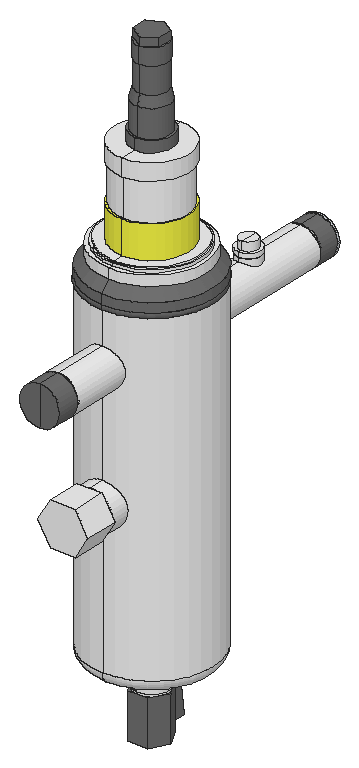
Revit family "3D BIM Model HydroWELL Compact 2E", category Generic Models, Revit 2019
Family settings
  Can host rebar = No
  Round Connector Dimension = Use Radius
  Part Type = Normal
  Work Plane-Based = No
  Always vertical = No
  Cut with Voids When Loaded = No
  Shared = No
  Room Calculation Point = No
Parameters (values of type "Compact 2E")
  URL = "http://www.hydrotec.co.uk/"
  Rubber = Rubber, Black
  R = Pipe DN / 2 + 2 mm  # 14.5 mm
  Pipe DN = 25 mm
  Model = "HydroPUR Compact 2E"
  Mass = 7.60 kg
  Manufacturer = "Hydrotec"
  Description = "Ultraviolet Water Disinfection"
  Body = Aluminum 1100-H14
Reference planes
  plane 1 "Center (Front/Back)": y = 0
  plane 2: z = 0
  plane 3 "Center (Left/Right)": x = 0
  plane 4: z = 262.055
Forms (mm)
  Revolve 1, solid, material "Aluminum 1100-H14" <- "Body"
    sketch origin (0, 0, -656) x (0, 1, 0) y (0, 0, 1)
      loop
        line (13.2, 691) -> (13.2, 703)
        arc (13.2, 703) -> (25.846, 705.138) -> (38.183, 708.644) r 117.3
        arc (38.183, 708.644) -> (43.06, 711.841) -> (44.95, 717.357) r 8.993
        line (44.95, 717.357) -> (44.95, 956.013)
        arc (44.95, 956.013) -> (45.637, 957.852) -> (45.3, 959.787) r 3.751
        line (45.3, 959.787) -> (45.3, 966.555) -> (38.162, 973.693) -> (39, 973.693) -> (39, 981.055) -> (36, 981.055) -> (36, 983.055) -> (34.5, 983.055) -> (34.5, 984.055) -> (27, 984.055) -> (27, 1008.055) -> (25.722, 1008.055) -> (25.722, 1036.055) -> (27, 1036.055) -> (27, 1048.055) -> (15, 1048.055) -> (15, 1056.055) -> (13, 1056.055) -> (13, 1076.055) -> (10.973, 1083.883) -> (10.973, 1103.055) -> (0, 1103.055) -> (0, 691) -> (13.2, 691)
      axis (0, 691) -> (0, 1103.055)
    angle from 0 to 360
  Revolve 2, solid, material "Aluminum 1100-H14" <- "Body"
    sketch origin (0, 0, -701) x (0, 1, 0) y (0, 0, 1)
      loop
        line (11.454, 1148.055) -> (11.454, 1160.055) -> (0, 1160.055) -> (0, 1148.055) -> (11.454, 1148.055)
      axis (0, 1148.055) -> (0, 1160.055)
    angle from 0 to 360
  Revolve 3, solid, material "Aluminum 1100-H14" <- "Body"
    sketch origin (0, 0, -500) x (0, 1, 0) y (0, 0, 1)
      loop
        line (0, 535) -> (0, 533) -> (12.5, 533) -> (12.5, 535) -> (0, 535)
      axis (0, 535) -> (0, 533)
    angle from 0 to 360
  Extrusion 4, solid, material "Aluminum 1100-H14" <- "Body"
    sketch origin (0, 0, 33) x (1, 0, 0) y (0, 1, 0)
      loop
        line (7.217, 12.5) -> (-7.217, 12.5) -> (-14.434, 0) -> (-7.217, -12.5) -> (7.217, -12.5) -> (14.434, 0) -> (7.217, 12.5)
    from 0 to -33
  Revolve 5, solid, material "Aluminum 1100-H14" <- "Body"
    sketch origin (0, 0, -656) x (0, 1, 0) y (0, 0, 1)
      loop
        line (152.5, 918.055) -> (152.5, 932.555) -> (137.5, 932.555) -> (137.5, 931.555) -> (136.5, 931.555) -> (136.5, 932.555) -> (-85.369, 932.555) -> (-85.369, 931.555) -> (-86.369, 931.555) -> (-86.369, 932.555) -> (-102.5, 932.555) -> (-102.5, 918.055) -> (152.5, 918.055)
      axis (152.5, 918.055) -> (-102.5, 918.055)
    angle from 0 to 360
  Revolve 6, solid, material "Aluminum 1100-H14" <- "Body"
    sketch origin (0, -16.25, -671) x (0, 1, 0) y (0, 0, 1)
      loop
        line (113.95, 950.205) -> (113.135, 950.205) -> (113.135, 951.205) -> (114.35, 951.205) -> (114.35, 954.205) -> (111.65, 954.205) -> (111.65, 960.205) -> (105.35, 960.205) -> (105.35, 936.961) -> (113.95, 936.961) -> (113.95, 950.205)
      axis (105.35, 936.961) -> (105.35, 960.205)
    angle from 0 to 360
  Revolve 7, solid, material "Aluminum 1100-H14" <- "Body"
    sketch origin (0, 15, -616) x (0, 1, 0) y (0, 0, 1)
      loop
        line (-72.15, 803.222) -> (-72.15, 788.055) -> (-54.86, 788.055) -> (-54.86, 804.055) -> (-71.15, 804.055) -> (-71.15, 803.222) -> (-72.15, 803.222)
      axis (-72.15, 788.055) -> (-54.86, 788.055)
    angle from 0 to 360
  Extrusion 8, solid, material "Aluminum 1100-H14" <- "Body"
    sketch origin (0, 0, -621) x (1, 0, 0) y (0, 0, 1)
      loop
        line (-9.238, 809.055) -> (-18.475, 793.055) -> (-9.238, 777.055) -> (9.238, 777.055) -> (18.475, 793.055) -> (9.238, 809.055) -> (-9.238, 809.055)
    from 57.15 to 81.369
  Extrusion 9, solid, material "Aluminum 1100-H14" <- "Body"
    sketch origin (0, 0, 459.055) x (0, -1, 0) y (1, 0, 0)
      loop
        line (-11, 0) -> (-5.5, -9.526) -> (5.5, -9.526) -> (11, 0) -> (5.5, 9.526) -> (-5.5, 9.526) -> (-11, 0)
    from 0 to 6
  Extrusion 10, solid, material "Rubber, Black" <- "Rubber"
    sketch origin (0, 0, -500) x (0, 1, 0) y (0, 0, 1)
      loop
        line (12.5, 532) -> (12.5, 517) -> (14, 517)
        arc (14, 517) -> (14.354, 516.854) -> (14.5, 516.5) r 0.5
        line (14.5, 516.5) -> (14.5, 502.5)
        arc (14.5, 502.5) -> (14.646, 502.146) -> (15, 502) r 0.5
        line (15, 502) -> (27.923, 502)
        arc (27.923, 502) -> (28.301, 502.172) -> (28.418, 502.571) r 0.5
        line (28.418, 502.571) -> (24.5, 530) -> (12.5, 532)
    from -1 to 1
  Extrusion 11, solid
    sketch origin (0, 152.5, 262.055) x (-1, 0, 0) y (0, 0, 1)
      loop
        circle (0, 0) r 14.5
    from 1.703 to 0
Cuts and joins
  joined: Revolve 1, Revolve 2, Revolve 3, Revolve 5, Revolve 6, Revolve 7, Extrusion 8
Dimensions and locks
  "R": Revolve 5 sketch curve to Revolve 5 sketch curve
  aligned and locked: level to plane 2
  aligned and locked: cut or joined group of Revolve 1, Revolve 2, Revolve 3, Revolve 5, Revolve 6, Revolve 7, Extrusion 8 to cut or joined group of Revolve 1, Revolve 2, Revolve 3, Revolve 5, Revolve 6, Revolve 7, Extrusion 8
Automatic sketch dimensions
  Revolve 2 sketch curve to plane 1 "Center (Front/Back)" = 0 mm  (x2)
  Revolve 2 sketch curve to plane 1 "Center (Front/Back)" = 11.454 mm
  Revolve 2 sketch curve to Revolve 2 sketch curve = 12 mm
  Revolve 2 sketch curve to Revolve 2 sketch curve = 10 mm
  Revolve 2 sketch curve to Revolve 2 sketch curve = 15 mm
  Revolve 3 sketch curve to plane 1 "Center (Front/Back)" = 0 mm  (x2)
  Revolve 3 sketch curve to plane 1 "Center (Front/Back)" = 12.5 mm
  Revolve 3 sketch curve to Revolve 3 sketch curve = 8.816 mm
  Revolve 3 sketch curve to Revolve 3 sketch curve = 4.402 mm
  plane 1 "Center (Front/Back)" to Extrusion 4 sketch curve = 0 mm  (x2)
  Extrusion 4 sketch curve to plane 3 "Center (Left/Right)" = 14.434 mm
  plane 1 "Center (Front/Back)" to Extrusion 4 sketch curve = 12.5 mm
  Extrusion 4 sketch curve to plane 3 "Center (Left/Right)" = 7.217 mm  (x2)
  plane 3 "Center (Left/Right)" to Extrusion 4 sketch curve = 7.217 mm  (x2)
  Extrusion 4 sketch curve to Extrusion 4 sketch curve = 7.217 mm
  Extrusion 4 sketch curve to plane 1 "Center (Front/Back)" = 12.5 mm
  Revolve 6 sketch curve to plane 1 "Center (Front/Back)" = 89.1 mm
  Revolve 6 sketch curve to plane 1 "Center (Front/Back)" = 97.7 mm
  Revolve 6 sketch curve to Revolve 6 sketch curve = 6.3 mm
  Revolve 6 sketch curve to Revolve 6 sketch curve = 0.815 mm
  Revolve 6 sketch curve to Revolve 6 sketch curve = 2.7 mm
  Revolve 6 sketch curve to Revolve 6 sketch curve = 0 mm  (x2)
  Revolve 6 sketch curve to Revolve 6 sketch curve = 13.244 mm
  Revolve 6 sketch curve to Revolve 6 sketch curve = 1 mm
  Revolve 6 sketch curve to Revolve 6 sketch curve = 3 mm
  Revolve 6 sketch curve to Revolve 6 sketch curve = 6 mm
  Revolve 6 sketch curve to Revolve 6 sketch curve = 8.973 mm
  plane 1 "Center (Front/Back)" to Revolve 7 sketch curve = 57.15 mm
  Revolve 7 sketch curve to Revolve 7 sketch curve = 1 mm
  Revolve 7 sketch curve to Revolve 7 sketch curve = 17.29 mm
  Revolve 7 sketch curve to Revolve 7 sketch curve = 8.939 mm
  Revolve 7 sketch curve to Revolve 7 sketch curve = 22.079 mm
  Extrusion 9 sketch curve to plane 3 "Center (Left/Right)" = 0 mm  (x2)
  Extrusion 9 sketch curve to plane 1 "Center (Front/Back)" = 11 mm
  Extrusion 9 sketch curve to plane 3 "Center (Left/Right)" = 9.526 mm
  Extrusion 9 sketch curve to plane 1 "Center (Front/Back)" = 5.5 mm  (x2)
  plane 1 "Center (Front/Back)" to Extrusion 9 sketch curve = 5.5 mm  (x2)
  Extrusion 9 sketch curve to Extrusion 9 sketch curve = 5.5 mm
  plane 3 "Center (Left/Right)" to Extrusion 9 sketch curve = 9.526 mm
  Extrusion 10 sketch curve to plane 1 "Center (Front/Back)" = 12.5 mm
  Extrusion 10 sketch curve to Extrusion 10 sketch curve = 12 mm
  Extrusion 10 sketch curve to Extrusion 10 sketch curve = 15 mm
  Extrusion 10 sketch curve to Extrusion 10 sketch curve = 1.5 mm
  Extrusion 10 sketch curve to Extrusion 10 sketch curve = 0.5 mm  (x3)
  Extrusion 10 sketch curve to Extrusion 10 sketch curve = 14.5 mm
  Extrusion 10 sketch curve to Extrusion 10 sketch curve = 12.923 mm
  Extrusion 10 sketch curve to Extrusion 10 sketch curve = 0.495 mm
  Revolve 1 sketch curve to plane 1 "Center (Front/Back)" = 0 mm  (x3)
  Revolve 1 sketch curve to plane 1 "Center (Front/Back)" = 10.973 mm
  Revolve 1 sketch curve to Revolve 1 sketch curve = 2.027 mm
  Revolve 1 sketch curve to plane 1 "Center (Front/Back)" = 13.2 mm
  Revolve 1 sketch curve to Revolve 1 sketch curve = 2 mm  (x2)
  Revolve 1 sketch curve to Revolve 1 sketch curve = 10.722 mm
  Revolve 1 sketch curve to Revolve 1 sketch curve = 12 mm  (x3)
  Revolve 1 sketch curve to Revolve 1 sketch curve = 1.278 mm
  Revolve 1 sketch curve to Revolve 1 sketch curve = 7.5 mm
  Revolve 1 sketch curve to Revolve 1 sketch curve = 1.5 mm
  Revolve 1 sketch curve to Revolve 1 sketch curve = 3 mm
  Revolve 1 sketch curve to Revolve 1 sketch curve = 0.838 mm
  Revolve 1 sketch curve to Revolve 1 sketch curve = 6.788 mm
  Revolve 1 sketch curve to Revolve 1 sketch curve = 7.138 mm  (x2)
  Revolve 1 sketch curve to Revolve 1 sketch curve = 8.993 mm
  Revolve 1 sketch curve to Revolve 1 sketch curve = 2.226 mm
  Revolve 1 sketch curve to Revolve 1 sketch curve = 3.399 mm
  Revolve 1 sketch curve to plane 4 = 37.958 mm
  Revolve 1 sketch curve to Revolve 1 sketch curve = 3.774 mm
  Revolve 1 sketch curve to Revolve 1 sketch curve = 6.768 mm
  Revolve 1 sketch curve to Revolve 1 sketch curve = 7.362 mm
  Revolve 1 sketch curve to Revolve 1 sketch curve = 1 mm
  Revolve 1 sketch curve to Revolve 1 sketch curve = 24 mm
  Revolve 1 sketch curve to Revolve 1 sketch curve = 28 mm
  Revolve 1 sketch curve to Revolve 1 sketch curve = 8 mm
  Revolve 1 sketch curve to Revolve 1 sketch curve = 20 mm
  Revolve 1 sketch curve to Revolve 1 sketch curve = 7.828 mm
  Revolve 1 sketch curve to Revolve 1 sketch curve = 19.172 mm
  Revolve 1 sketch curve to Revolve 1 sketch curve = 5.644 mm
  Revolve 1 sketch curve to Revolve 1 sketch curve = 124.083 mm
  Revolve 1 sketch curve to Revolve 1 sketch curve = 175 mm
  plane 4 to Revolve 7 sketch curve = 90 mm
  Revolve 7 sketch curve to Revolve 7 sketch curve = 15.167 mm
  Revolve 7 sketch curve to Revolve 7 sketch curve = 16 mm
  Revolve 7 sketch curve to Revolve 7 sketch curve = 0 mm
  level to Revolve 1 sketch curve = 35 mm
  Revolve 2 sketch curve to plane 4 = 185 mm
  level to Revolve 3 sketch curve = 33 mm
  Revolve 3 sketch curve to Revolve 3 sketch curve = 2 mm
  Revolve 6 sketch curve to plane 4 = 3.906 mm
  level to Extrusion 10 sketch curve = 2 mm
  Extrusion 10 sketch curve to Extrusion 10 sketch curve = 2 mm
  plane 4 to Revolve 5 sketch curve = 0 mm
  plane 1 "Center (Front/Back)" to Revolve 5 sketch curve = 102.5 mm
  Revolve 5 sketch curve to plane 4 = 13.5 mm
  Revolve 5 sketch curve to plane 4 = 0 mm
  Revolve 5 sketch curve to Revolve 5 sketch curve = 16.131 mm
  Revolve 5 sketch curve to Revolve 5 sketch curve = 1 mm  (x3)
  Revolve 5 sketch curve to plane 4 = 14.5 mm
  Revolve 5 sketch curve to plane 1 "Center (Front/Back)" = 136.5 mm
  Revolve 5 sketch curve to Revolve 5 sketch curve = 15 mm  (x2)
  Revolve 5 sketch curve to Revolve 5 sketch curve = 355 mm
  Revolve 5 sketch curve to Revolve 5 sketch curve = 0 mm
  radius of Extrusion 11 sketch curve to Revolve 5 = 0 mm
Connectors
  piping at (0, -102.5, 262.055), diameter 29, driven by "R"
    settings: on cut or joined group of Revolve 1, Revolve 2, Revolve 3, Revolve 5, Revolve 6, Revolve 7, Extrusion 8, index 1, connector inside diameter 29 mm, connector length 0 mm, flow factor 0, pipe flow 1.28 L/s, pressure drop 0.0 Pa, fitting loss kfactor 0, connector angle 0.00°, fixture units 0, engagement length 0 mm, angle of deflection 0.00°, flow configuration 0, flow direction 2, fitting loss method 0, system type 22, joint type 0, gender type 0, connector reference index 4, connector utility 0, adjustable connector no, is connector primary yes, connector description ""
  piping at (0, 152.5, 262.055), diameter 29, driven by "R"
    settings: on Extrusion 11, index 4, connector inside diameter 29 mm, connector length 0 mm, flow factor 0, pipe flow 1.28 L/s, pressure drop 0.0 Pa, fitting loss kfactor 0, connector angle 0.00°, fixture units 0, engagement length 0 mm, angle of deflection 0.00°, flow configuration 0, flow direction 1, fitting loss method 0, system type 22, joint type 0, gender type 0, connector reference index 1, connector utility 0, adjustable connector no, is connector primary no, connector description ""
